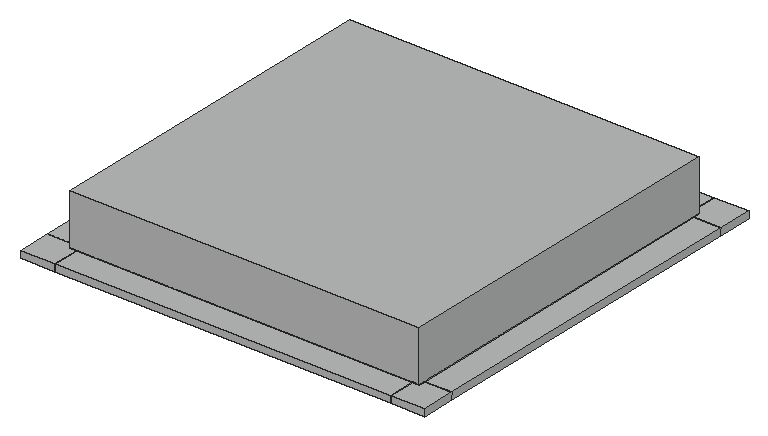
Revit family "ALUMOGIPS", category Осветительные приборы, Revit 2019 (continued)
Types (72, lengths in mm): name | Файл фотометрической сетки | built-in parameter 1150105 | Lumens | built-in parameter 1150106 | built-in parameter 1150142 | Wattage | Emit from Rectangle Width | Emit from Rectangle Length | Длина | Материал светильника | Ширина | ADSK_Ток | ADSK_Полная мощность | ADSK_Обозначение | ADSK_Номинальная мощность | ADSK_Наименование | ADSK_Масса | ADSK_Код изделия
  Alumogips-76/opal-sand 295х1195 (IP54, 4000К, серый) | "Светильник ALUMOGIPS-76 OPAL-SAND-(295x1195).ies" | 604.79 (stored number, unit not read) | 7600 lm | 6.0479 (stored number, unit not read) | "IESNA:LM-63-1995\r\n[TEST] Протокол №335/16 от 03.11.2016г. Испытательная лаборатория Государственного предприятия \"ЦСОТ НАН Беларуси\"\r\n[MORE] FFFFFFFD4B5B12BA015C1433E5FB5F5B8\r\n[DATA] 02.11.2016\r\n[MANUFAC] ЗАО \"Центрстройсвет\"\r\n[LUMCAT] Светильник ALUMOGIPS-76/OPAL-SAND-(295X1195)\r\n[LUMINAIRE] офисное освещение\r\n[LAMP] \r\nTILT=NONE\r\n1    -1.0   1.000 91 181 1 2   0.295   1.195   0.04\r\n1.0  1.0   75.50\r\n0.0 2.0 4.0 6.0 8.0 10.0 12.0 14.0 16.0 18.0 20.0 22.0 24.0 26.0 28.0 30.0 32.0 34.0 36.0 38.0 40.0 42.0 44.0 46.0 48.0 50.0 52.0 54.0 56.0 58.0 60.0 62.0 64.0 66.0 68.0 70.0 72.0 74.0 76.0 78.0 80.0 82.0 84.0 86.0 88.0 90.0 92.0 94.0 96.0 98.0 100.0 102.0 104.0 106.0 108.0 110.0 112.0 114.0 116.0 118.0 120.0 122.0 124.0 126.0 128.0 130.0 132.0 134.0 136.0 138.0 140.0 142.0 144.0 146.0 148.0 150.0 152.0 154.0 156.0 158.0 160.0 162.0 164.0 166.0 168.0 170.0 172.0 174.0 176.0 178.0 180.0 \r\n0.0 2.0 4.0 6.0 8.0 10.0 12.0 14.0 16.0 18.0 20.0 22.0 24.0 26.0 28.0 30.0 32.0 34.0 36.0 38.0 40.0 42.0 44.0 46.0 48.0 50.0 52.0 54.0 56.0 58.0 60.0 62.0 64.0 66.0 68.0 70.0 72.0 74.0 76.0 78.0 80.0 82.0 84.0 86.0 88.0 90.0 92.0 94.0 96.0 98.0 100.0 102.0 104.0 106.0 108.0 110.0 112.0 114.0 116.0 118.0 120.0 122.0 124.0 126.0 128.0 130.0 132.0 134.0 136.0 138.0 140.0 142.0 144.0 146.0 148.0 150.0 152.0 154.0 156.0 158.0 160.0 162.0 164.0 166.0 168.0 170.0 172.0 174.0 176.0 178.0 180.0 182.0 184.0 186.0 188.0 190.0 192.0 194.0 196.0 198.0 200.0 202.0 204.0 206.0 208.0 210.0 212.0 214.0 216.0 218.0 220.0 222.0 224.0 226.0 228.0 230.0 232.0 234.0 236.0 238.0 240.0 242.0 244.0 246.0 248.0 250.0 252.0 254.0 256.0 258.0 260.0 262.0 264.0 266.0 268.0 270.0 272.0 274.0 276.0 278.0 280.0 282.0 284.0 286.0 288.0 290.0 292.0 294.0 296.0 298.0 300.0 302.0 304.0 306.0 308.0 310.0 312.0 314.0 316.0 318.0 320.0 322.0 324.0 326.0 328.0 330.0 332.0 334.0 336.0 338.0 340.0 342.0 344.0 346.0 348.0 350.0 352.0 354.0 356.0 358.0 360.0 \r\n2755.907 2758.554 2753.161 2748.260 2733.459 2716.893 2696.309 2668.372 2638.377 2600.932 2557.411 2512.908 2465.466 2414.396 2357.836 2298.435 2239.229 2172.084 \r\n2104.547 2034.166 1962.708 1888.308 1811.654 1733.628 1653.446 1571.400 1488.670 1404.175 1318.796 1228.811 1141.474 1053.841 965.425 877.106 788.985 701.940 615.582 530.596 \r\n448.650 369.055 293.774 222.217 154.582 93.612 39.699 3.823 3.823 3.725 3.627 3.529 3.431 3.332 3.234 3.137 3.137 3.039 2.941 2.842 2.744 2.647 2.549 2.450 2.450 2.352 2.254 2.157 2.059 1.960 1.862 \r\n1.764 1.764 1.667 1.569 1.470 1.372 1.274 1.177 1.078 1.078 0.980 0.882 0.784 0.687 0.588 0.490 0.392 0.392 0.294 0.196 0.098 0.000 \r\n2755.907 2758.455 2753.064 2748.065 2733.166 2716.501 2695.819 2667.784 2637.692 2600.247 2556.724 2512.124 2464.681 2413.513 2356.954 2297.552 2238.249 2171.202 \r\n2103.565 2033.186 1961.727 1887.328 1810.674 1732.648 1652.465 1570.518 1487.788 1403.292 1317.816 1227.930 1140.689 1053.058 964.837 876.519 788.396 701.548 615.190 530.303 \r\n448.356 368.859 293.578 222.119 154.483 93.612 39.601 3.823 3.725 3.725 3.627 3.529 3.431 3.332 3.234 3.137 3.039 3.039 2.941 2.842 2.744 2.647 2.549 2.450 2.352 2.352 2.254 2.157 2.059 1.960 1.862 \r\n1.764 1.667 1.667 1.569 1.470 1.372 1.274 1.177 1.078 0.980 0.980 0.882 0.784 0.687 0.588 0.490 0.392 0.294 0.294 0.196 0.098 0.000 \r\n2755.907 2758.357 2752.868 2747.770 2732.871 2716.011 2695.329 2667.294 2637.005 2599.462 2556.039 2511.438 2463.897 2412.631 2356.072 2296.670 2237.269 2170.221 \r\n2102.585 2032.205 1960.747 1886.347 1809.694 1731.668 1651.485 1569.538 1486.905 1402.410 1316.934 1227.146 1139.905 1052.371 964.150 876.029 787.906 701.057 614.798 530.008 \r\n448.061 368.663 293.480 222.022 154.386 93.514 39.504 3.823 3.725 3.725 3.627 3.529 3.431 3.332 3.234 3.137 3.039 3.039 2.941 2.842 2.744 2.647 2.549 2.450 2.352 2.352 2.254 2.157 2.059 1.960 1.862 \r\n1.764 1.667 1.667 1.569 1.470 1.372 1.274 1.177 1.078 0.980 0.980 0.882 0.784 0.687 0.588 0.490 0.392 0.294 0.294 0.196 0.098 0.000 \r\n2755.907 2758.259 2752.770 2747.477 2732.577 2715.619 2694.741 2666.706 2636.319 2598.776 2555.352 2510.654 2463.113 2411.749 2355.190 2295.788 2236.289 2169.241 \r\n2101.605 2031.323 1959.767 1885.367 1808.713 1730.687 1650.505 1568.656 1485.925 1401.528 1316.052 1226.361 1139.219 1051.684 963.465 875.440 787.416 700.567 614.406 529.616 \r\n447.866 368.467 293.283 221.923 154.288 93.514 39.504 3.823 3.725 3.725 3.627 3.529 3.431 3.332 3.234 3.137 3.039 3.039 2.941 2.842 2.744 2.647 2.549 2.450 2.352 2.352 2.254 2.157 2.059 1.960 1.862 \r\n1.764 1.667 1.667 1.569 1.470 1.372 1.274 1.177 1.078 0.980 0.980 0.882 0.784 0.687 0.588 0.490 0.392 0.294 0.294 0.196 0.098 0.000 \r\n2755.907 2758.161 2752.671 2747.280 2732.283 2715.227 2694.250 2666.117 2635.633 2598.090 2554.764 2509.967 2462.329 2410.964 2354.406 2294.906 2235.309 2168.359 \r\n2100.625 2030.343 1958.787 1884.387 1807.733 1729.707 1649.525 1567.676 1485.043 1400.646 1315.072 1225.479 1138.435 1050.901 962.876 874.852 786.926 700.176 614.013 529.323 \r\n447.571 368.272 293.088 221.825 154.190 93.415 39.405 3.823 3.725 3.725 3.627 3.529 3.431 3.332 3.234 3.137 3.039 3.039 2.941 2.842 2.744 2.647 2.549 2.450 2.352 2.352 2.254 2.157 2.059 1.960 1.862 \r\n1.764 1.667 1.667 1.569 1.470 1.372 1.274 1.177 1.078 0.980 0.980 0.882 0.784 0.687 0.588 0.490 0.392 0.294 0.294 0.196 0.098 0.000 \r\n2755.907 2757.965 2752.574 2746.987 2731.989 2714.835 2693.662 2665.530 2635.045 2597.404 2554.078 2509.184 2461.545 2410.082 2353.524 2294.024 2234.328 2167.378 \r\n2099.743 2029.363 1957.708 1883.309 1806.753 1728.727 1648.643 1566.794 1484.161 1399.764 1314.190 1224.695 1137.651 1050.214 962.190 874.264 786.338 699.685 613.621 529.028 \r\n447.278 368.075 292.990 221.727 154.190 93.415 39.405 3.823 3.725 3.627 3.627 3.529 3.431 3.332 3.234 3.137 3.039 3.039 2.941 2.842 2.744 2.647 2.549 2.450 2.352 2.352 2.254 2.157 2.059 1.960 1.862 \r\n1.764 1.667 1.667 1.569 1.470 1.372 1.274 1.177 1.078 0.980 0.980 0.882 0.784 0.687 0.588 0.490 0.392 0.294 0.294 0.196 0.098 0.000 \r\n2755.907 2757.867 2752.378 2746.692 2731.695 2714.443 2693.172 2665.040 2634.358 2596.718 2553.392 2508.497 2460.760 2409.200 2352.642 2293.141 2233.348 2166.398 \r\n2098.763 2028.383 1956.728 1882.328 1805.773 1727.747 1647.662 1565.814 1483.181 1398.881 1313.307 1223.911 1136.965 1049.529 961.603 873.675 785.848 699.195 613.230 528.734 \r\n446.983 367.879 292.793 221.629 154.091 93.317 39.307 3.823 3.725 3.627 3.627 3.529 3.431 3.332 3.234 3.137 3.039 2.941 2.941 2.842 2.744 2.647 2.549 2.450 2.352 2.352 2.254 2.157 2.059 1.960 1.862 \r\n1.764 1.667 1.667 1.569 1.470 1.372 1.274 1.177 1.078 0.980 0.980 0.882 0.784 0.687 0.588 0.490 0.392 0.294 0.294 0.196 0.098 0.000 \r\n2755.907 2757.769 2752.279 2746.497 2731.302 2713.953 2692.682 2664.452 2633.673 2596.031 2552.705 2507.713 2459.976 2408.417 2351.759 2292.259 2232.368 2165.418 \r\n2097.782 2027.403 1955.748 1881.348 1804.694 1726.767 1646.682 1564.931 1482.299 1398.097 1312.327 1223.029 1136.181 1048.842 960.916 873.088 785.357 698.803 612.838 528.342 \r\n446.788 367.683 292.598 221.532 153.993 93.220 39.209 3.823 3.725 3.627 3.627 3.529 3.431 3.332 3.234 3.137 3.039 2.941 2.941 2.842 2.744 2.647 2.549 2.450 2.352 2.352 2.254 2.157 2.059 1.960 1.862 \r\n1.764 1.667 1.667 1.569 1.470 1.372 1.274 1.177 1.078 0.980 0.980 0.882 0.784 0.687 0.588 0.490 0.392 0.294 0.294 0.196 0.098 0.000 \r\n2755.907 2757.671 2752.181 2746.202 2731.009 2713.561 2692.094 2663.863 2632.986 2595.346 2552.020 2507.027 2459.192 2407.534 2350.877 2291.377 2231.387 2164.536 \r\n2096.802 2026.520 1954.768 1880.368 1803.714 1725.787 1645.702 1563.951 1481.416 1397.215 1311.445 1222.245 1135.396 1048.058 960.229 872.500 784.867 698.313 612.446 528.048 \r\n446.493 367.487 292.500 221.433 153.896 93.220 39.209 3.823 3.725 3.627 3.627 3.529 3.431 3.332 3.234 3.137 3.039 2.941 2.941 2.842 2.744 2.647 2.549 2.450 2.352 2.254 2.254 2.157 2.059 1.960 1.862 \r\n1.764 1.667 1.667 1.569 1.470 1.372 1.274 1.177 1.078 0.980 0.980 0.882 0.784 0.687 0.588 0.490 0.392 0.294 0.294 0.196 0.098 0.000 \r\n2755.907 2757.573 2752.084 2745.908 2730.715 2713.169 2691.603 2663.275 2632.300 2594.659 2551.333 2506.341 2458.408 2406.652 2349.995 2290.495 2230.407 2163.556 \r\n2095.822 2025.539 1953.788 1879.388 1802.734 1724.806 1644.722 1563.069 1480.436 1396.332 1310.465 1221.460 1134.711 1047.372 959.642 872.010 784.279 697.921 612.053 527.754 \r\n446.199 367.193 292.303 221.335 153.798 93.122 39.111 3.823 3.725 3.627 3.627 3.529 3.431 3.332 3.234 3.137 3.039 2.941 2.941 2.842 2.744 2.647 2.549 2.450 2.352 2.254 2.254 2.157 2.059 1.960 1.862 \r\n1.764 1.667 1.667 1.569 1.470 1.372 1.274 1.177 1.078 0.980 0.980 0.882 0.784 0.687 0.588 0.490 0.392 0.294 0.294 0.196 0.098 0.000 \r\n2755.907 2757.475 2751.986 2745.615 2730.420 2712.777 2691.113 2662.785 2631.614 2593.973 2550.648 2505.556 2457.624 2405.770 2349.113 2289.612 2229.426 2162.576 \r\n2094.842 2024.559 1952.709 1878.309 1801.754 1723.826 1643.742 1562.089 1479.554 1395.450 1309.583 1220.578 1133.926 1046.685 958.956 871.421 783.789 697.431 611.661 527.459 \r\n445.905 366.997 292.108 221.237 153.798 93.122 39.013 3.823 3.725 3.627 3.529 3.529 3.431 3.332 3.234 3.137 3.039 2.941 2.941 2.842 2.744 2.647 2.549 2.450 2.352 2.254 2.254 2.157 2.059 1.960 1.862 \r\n1.764 1.667 1.667 1.569 1.470 1.372 1.274 1.177 1.078 0.980 0.980 0.882 0.784 0.687 0.588 0.490 0.392 0.294 0.294 0.196 0.098 0.000 \r\n2755.907 2757.279 2751.789 2745.418 2730.127 2712.384 2690.525 2662.197 2631.026 2593.287 2550.059 2504.871 2456.839 2404.985 2348.231 2288.730 2228.446 2161.694 \r\n2093.960 2023.579 1951.729 1877.329 1800.774 1722.846 1642.860 1561.207 1478.672 1394.568 1308.701 1219.793 1133.142 1046.000 958.367 870.833 783.299 696.941 611.269 527.067 \r\n445.709 366.800 292.010 221.041 153.700 93.024 39.013 3.823 3.725 3.627 3.529 3.529 3.431 3.332 3.234 3.137 3.039 2.941 2.941 2.842 2.744 2.647 2.549 2.450 2.352 2.254 2.254 2.157 2.059 1.960 1.862 \r\n1.764 1.667 1.569 1.569 1.470 1.372 1.274 1.177 1.078 0.980 0.980 0.882 0.784 0.687 0.588 0.490 0.392 0.294 0.294 0.196 0.098 0.000 \r\n2755.907 2757.180 2751.691 2745.124 2729.832 2711.992 2690.035 2661.608 2630.339 2592.601 2549.373 2504.086 2456.055 2404.103 2347.348 2287.848 2227.466 2160.713 \r\n2092.980 2022.599 1950.749 1876.349 1799.793 1721.768 1641.879 1560.226 1477.691 1393.686 1307.720 1219.010 1132.456 1045.215 957.681 870.245 782.809 696.548 610.877 526.774 \r\n445.414 366.605 291.813 220.943 153.601 93.024 38.915 3.823 3.725 3.627 3.529 3.529 3.431 3.332 3.234 3.137 3.039 2.941 2.842 2.842 2.744 2.647 2.549 2.450 2.352 2.254 2.254 2.157 2.059 1.960 1.862 \r\n1.764 1.667 1.569 1.569 1.470 1.372 1.274 1.177 1.078 0.980 0.980 0.882 0.784 0.687 0.588 0.490 0.392 0.294 0.294 0.196 0.098 0.000 \r\n2755.907 2757.083 2751.594 2744.830 2729.539 2711.502 2689.545 2661.021 2629.654 2591.915 2548.687 2503.401 2455.271 2403.221 2346.564 2286.966 2226.486 2159.733 \r\n2091.999 2021.619 1949.769 1875.369 1798.813 1720.787 1640.899 1559.344 1476.809 1392.804 1306.837 1218.128 1131.672 1044.529 957.093 869.656 782.319 696.058 610.485 526.479 \r\n445.121 366.408 291.618 220.845 153.503 92.925 38.915 3.823 3.725 3.627 3.529 3.529 3.431 3.332 3.234 3.137 3.039 2.941 2.842 2.842 2.744 2.647 2.549 2.450 2.352 2.254 2.254 2.157 2.059 1.960 1.862 \r\n1.764 1.667 1.569 1.569 1.470 1.372 1.274 1.177 1.078 0.980 0.980 0.882 0.784 0.687 0.588 0.490 0.392 0.294 0.294 0.196 0.098 0.000 \r\n2755.907 2756.985 2751.496 2744.634 2729.244 2711.110 2688.957 2660.531 2628.967 2591.228 2548.001 2502.616 2454.389 2402.339 2345.682 2286.084 2225.506 2158.850 \r\n2091.019 2020.737 1948.690 1874.290 1797.833 1719.807 1639.919 1558.364 1475.926 1392.019 1305.955 1217.343 1130.887 1043.843 956.407 869.069 781.730 695.568 610.093 526.185 \r\n444.827 366.213 291.519 220.747 153.406 92.925 38.817 3.823 3.725 3.627 3.529 3.431 3.431 3.332 3.234 3.137 3.039 2.941 2.842 2.842 2.744 2.647 2.549 2.450 2.352 2.254 2.254 2.157 2.059 1.960 1.862 \r\n1.764 1.667 1.569 1.569 1.470 1.372 1.274 1.177 1.078 0.980 0.980 0.882 0.784 0.687 0.588 0.490 0.392 0.294 0.294 0.196 0.098 0.000 \r\n2755.907 2756.887 2751.398 2744.340 2728.852 2710.718 2688.466 2659.943 2628.281 2590.542 2547.314 2501.930 2453.605 2401.554 2344.799 2285.201 2224.525 2157.870 \r\n2090.039 2019.756 1947.710 1873.310 1796.853 1718.827 1638.939 1557.481 1474.946 1391.137 1304.975 1216.559 1130.201 1043.157 955.720 868.481 781.240 695.176 609.701 525.794 \r\n444.631 366.016 291.323 220.649 153.406 92.827 38.719 3.823 3.725 3.627 3.529 3.431 3.431 3.332 3.234 3.137 3.039 2.941 2.842 2.842 2.744 2.647 2.549 2.450 2.352 2.254 2.157 2.157 2.059 1.960 1.862 \r\n1.764 1.667 1.569 1.569 1.470 1.372 1.274 1.177 1.078 0.980 0.980 0.882 0.784 0.687 0.588 0.490 0.392 0.294 0.294 0.196 0.098 0.000 \r\n2755.907 2756.789 2751.201 2744.046 2728.558 2710.326 2687.879 2659.354 2627.693 2589.856 2546.629 2501.244 2452.820 2400.672 2343.917 2284.320 2223.545 2156.890 \r\n2089.059 2018.776 1946.730 1872.330 1795.774 1717.847 1638.056 1556.501 1474.064 1390.255 1304.093 1215.677 1129.417 1042.373 955.133 867.991 780.750 694.686 609.309 525.499 \r\n444.337 365.820 291.128 220.551 153.308 92.730 38.719 3.823 3.725 3.627 3.529 3.431 3.431 3.332 3.234 3.137 3.039 2.941 2.842 2.842 2.744 2.647 2.549 2.450 2.352 2.254 2.157 2.157 2.059 1.960 1.862 \r\n1.764 1.667 1.569 1.569 1.470 1.372 1.274 1.177 1.078 0.980 0.980 0.882 0.784 0.687 0.588 0.490 0.392 0.294 0.294 0.196 0.098 0.000 \r\n2755.907 2756.592 2751.104 2743.850 2728.264 2709.934 2687.389 2658.864 2627.007 2589.170 2545.942 2500.459 2452.036 2399.790 2343.035 2283.438 2222.565 2156.008 \r\n2088.079 2017.796 1945.750 1871.350 1794.794 1716.867 1637.076 1555.619 1473.182 1389.372 1303.113 1214.892 1128.633 1041.687 954.446 867.402 780.260 694.294 608.917 525.205 \r\n444.042 365.625 291.029 220.453 153.209 92.730 38.621 3.823 3.725 3.627 3.529 3.431 3.431 3.332 3.234 3.137 3.039 2.941 2.842 2.744 2.744 2.647 2.549 2.450 2.352 2.254 2.157 2.157 2.059 1.960 1.862 \r\n1.764 1.667 1.569 1.569 1.470 1.372 1.274 1.177 1.078 0.980 0.882 0.882 0.784 0.687 0.588 0.490 0.392 0.294 0.294 0.196 0.098 0.000 \r\n2755.907 2756.495 2751.006 2743.556 2727.970 2709.443 2686.899 2658.276 2626.320 2588.484 2545.255 2499.773 2451.252 2399.006 2342.153 2282.556 2221.585 2155.028 \r\n2087.196 2016.816 1944.769 1870.370 1793.814 1715.886 1636.095 1554.639 1472.202 1388.490 1302.231 1214.109 1127.946 1041.000 953.858 866.814 779.672 693.804 608.524 524.912 \r\n443.749 365.330 290.833 220.355 153.111 92.632 38.523 3.823 3.725 3.627 3.529 3.431 3.431 3.332 3.234 3.137 3.039 2.941 2.842 2.744 2.744 2.647 2.549 2.450 2.352 2.254 2.157 2.157 2.059 1.960 1.862 \r\n1.764 1.667 1.569 1.569 1.470 1.372 1.274 1.177 1.078 0.980 0.882 0.882 0.784 0.687 0.588 0.490 0.392 0.294 0.294 0.196 0.098 0.000 \r\n2755.907 2756.397 2750.907 2743.261 2727.676 2709.052 2686.311 2657.687 2625.635 2587.700 2544.668 2498.989 2450.468 2398.124 2341.271 2281.673 2220.605 2154.047 \r\n2086.215 2015.836 1943.691 1869.292 1792.834 1714.906 1635.115 1553.757 1471.320 1387.608 1301.348 1213.227 1127.163 1040.314 953.173 866.226 779.182 693.314 608.132 524.519 \r\n443.552 365.134 290.637 220.257 153.013 92.632 38.523 3.823 3.725 3.627 3.529 3.431 3.332 3.332 3.234 3.137 3.039 2.941 2.842 2.744 2.744 2.647 2.549 2.450 2.352 2.254 2.157 2.157 2.059 1.960 1.862 \r\n1.764 1.667 1.569 1.569 1.470 1.372 1.274 1.177 1.078 0.980 0.882 0.882 0.784 0.687 0.588 0.490 0.392 0.294 0.294 0.196 0.098 0.000 \r\n2755.907 2756.299 2750.711 2742.968 2727.382 2708.660 2685.821 2657.100 2624.948 2587.013 2543.982 2498.303 2449.684 2397.242 2340.388 2280.791 2219.624 2153.166 \r\n2085.235 2014.954 1942.7
